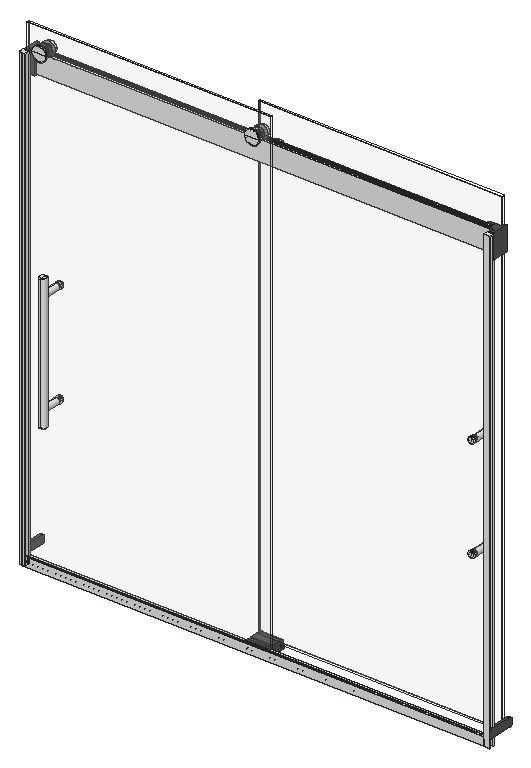
Revit family "Shower-Shower_Door-KOHLER-Levity_Plus-K-702425_1", category Specialty Equipment, host Face, Revit 2022 (continued)
Definition of nested family "K-702425"
  Automatic sketch dimensions
    radius of curve 80 = 0.3937"
    radius of curve 133 = 0.3885"
    radius of curve 188 = 0.3885"
Types (5): name | Type | Model | Finish
  (no name) | 1 | "K-702425-L-SHP" | Kohler-Metal-SHP-Bright_Polished_Silver
  SHP-Bright Polished Silver | 1 | "K-702425-L-SHP" | Kohler-Metal-SHP-Bright_Polished_Silver
  BNK-Anodized Brushed Nickel | 2 | "K-702425-L-BNK" | Kohler-Metal-BNK-Anodized_Brushed_Nickel
  BL-Matte Black | 3 | "K-702425-L-BL" | Kohler-Metal-BL-Matte_Black
  2MB-Vibrant Brushed Moderne Brass | 4 | "K-702425-L-2MB" | Kohler-Metal-2MB-Vibrant_Brushed_Moderne_Brass
